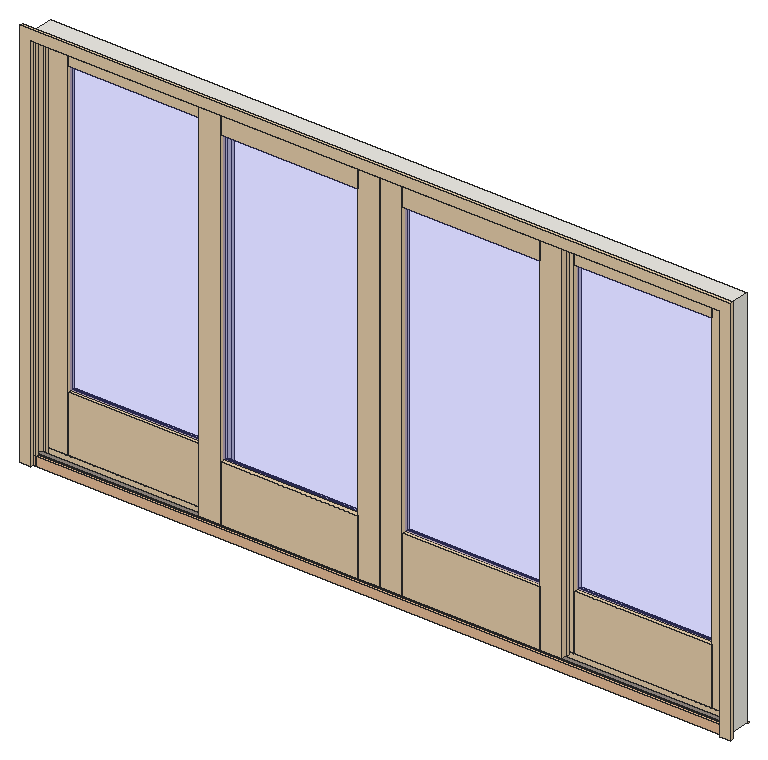
Revit family "Door-Gliding-Andersen-E_Series-Quad-no-Mullions", category Doors, host Wall, Revit 2019 (continued)
Dimensions and locks (in)
  aligned and locked: plane 32 "T Casing 4" to curve 117
  aligned and locked: plane 13 "Casing S1" to curve 128
  aligned and locked: plane 10 "Flange" to curve 128
  aligned and locked: plane 54 "Frame S2 Ext" to curve 129
  aligned and locked: plane 9 "Frame S2" to curve 129
  aligned and locked: plane 20 "R Casing 4" to curve 128
  aligned and locked: plane 3 "R Frame" to curve 129
  aligned and locked: plane 13 "Casing S1" to curve 130
  aligned and locked: plane 10 "Flange" to curve 130
  aligned and locked: plane 54 "Frame S2 Ext" to curve 131
  aligned and locked: plane 9 "Frame S2" to curve 131
  aligned and locked: plane 4 "L Frame" to curve 131
  aligned and locked: plane 23 "L Casing 4" to curve 130
  aligned and locked: plane 13 "Casing S1" to curve 132
  aligned and locked: plane 10 "Flange" to curve 132
  aligned and locked: plane 9 "Frame S2" to curve 133
  aligned and locked: plane 5 "T Frame" to curve 133
  aligned and locked: plane 13 "Casing S1" to curve 4
  aligned and locked: plane 32 "T Casing 4" to curve 132
  aligned and locked: plane 4 "L Frame" to Masking region 8 sketch curve
  aligned and locked: plane 5 "T Frame" to Masking region 8 sketch curve
  aligned and locked: Masking region 8 sketch curve to plane 3 "R Frame"
Automatic sketch dimensions
  curve 15 to curve 17 = 0' - 0.988"
  curve 16 to curve 17 = 0' - 1.84113"
  curve 17 to curve 42 = 0' - 0 33/64"
  curve 19 to curve 45 = 0' - 2.0615"
  curve 43 to curve 21 = 0' - 0 1/2"
  curve 21 to curve 17 = 0' - 0 3/4"
  curve 43 to curve 17 = 0' - 0"
  curve 43 to curve 45 = 0' - 0.563"
  curve 42 to curve 42 = 0' - 0 5/8"
  curve 16 to curve 15 = 0' - 0 3/4"
  curve 46 to curve 15 = 0' - 1.08388"
  curve 22 to curve 21 = 0' - 0.21034"
  curve 34 to curve 36 = 0' - 0.988"
  curve 35 to curve 36 = 0' - 1.84113"
  curve 36 to curve 47 = 0' - 0 33/64"
  curve 38 to curve 50 = 0' - 2.0615"
  curve 48 to curve 40 = 0' - 0 1/2"
  curve 40 to curve 36 = 0' - 0 3/4"
  curve 48 to curve 36 = 0' - 0"
  curve 48 to curve 50 = 0' - 0.563"
  curve 47 to curve 47 = 0' - 0 5/8"
  curve 35 to curve 34 = 0' - 0 3/4"
  curve 51 to curve 34 = 0' - 1.08388"
  curve 41 to curve 40 = 0' - 0.21034"
  curve 54 to curve 52 = 0' - 0.988"
  curve 54 to curve 53 = 0' - 1.84113"
  curve 60 to curve 54 = 0' - 0 33/64"
  curve 63 to curve 56 = 0' - 2.0615"
  curve 58 to curve 61 = 0' - 0 1/2"
  curve 58 to curve 54 = 0' - 0 3/4"
  curve 61 to curve 54 = 0' - 0"
  curve 61 to curve 63 = 0' - 0.563"
  curve 60 to curve 60 = 0' - 0 5/8"
  curve 53 to curve 52 = 0' - 0 3/4"
  curve 64 to curve 52 = 0' - 1.08388"
  curve 58 to curve 59 = 0' - 0.21034"
  curve 29 to curve 85 = 0' - 0 1/2"
  curve 85 to curve 23 = 0' - 2.0615"
  curve 23 to curve 23 = 0' - 0 33/64"
  curve 24 to curve 25 = 0' - 2.21925"
  curve 25 to curve 30 = 0' - 0.39954"
  curve 25 to curve 87 = 0' - 0.60988"
  curve 26 to curve 83 = 0' - 0 1/8"
  curve 23 to curve 86 = 0' - 0.062"
  curve 26 to curve 26 = 0' - 0 3/4"
  curve 85 to curve 85 = 0' - 0.563"
  curve 25 to curve 87 = 0' - 0.33388"
  curve 28 to curve 87 = 0' - 0.41612"
  curve 81 to curve 90 = 0' - 0 1/2"
  curve 90 to curve 75 = 0' - 2.0615"
  curve 75 to curve 75 = 0' - 0 33/64"
  curve 76 to curve 77 = 0' - 2.21925"
  curve 77 to curve 82 = 0' - 0.39954"
  curve 77 to curve 92 = 0' - 0.60988"
  curve 78 to curve 88 = 0' - 0 1/8"
  curve 75 to curve 91 = 0' - 0.062"
  curve 78 to curve 78 = 0' - 0 3/4"
  curve 90 to curve 90 = 0' - 0.563"
  curve 77 to curve 92 = 0' - 0.33388"
  curve 80 to curve 92 = 0' - 0.41612"
  curve 67 to curve 68 = 0' - 0.65447"
  curve 68 to curve 70 = 0' - 1.31268"
  curve 71 to curve 65 = 0' - 1.82508"
  curve 65 to curve 65 = 0' - 1.05261"
  curve 93 to curve 71 = 0' - 0.06458"
  curve 65 to curve 65 = 0' - 0.05976"
  curve 65 to curve 73 = 0' - 0.13918"
  curve 71 to curve 71 = 0' - 0.12708"
  curve 71 to curve 72 = 0' - 0 1/8"
  curve 72 to curve 72 = 0' - 0.08478"
  curve 70 to curve 67 = 0' - 1.24271"
  curve 70 to curve 70 = 0' - 1.28489"
  curve 68 to curve 69 = 0' - 0.13398"
  curve 66 to curve 65 = 0' - 0.09649"
  curve 67 to curve 67 = 0' - 1 7/8"
  curve 72 to curve 95 = 0' - 1.60869"
  curve 69 to curve 94 = 0' - 1.21767"
  curve 9 to curve 67 = 0' - 0"
  curve 93 to curve 9 = 0' - 1 15/128"
  curve 93 to curve 9 = 0' - 0"
  curve 10 to curve 67 = 0' - 0"
  curve 8 to curve 66 = 0' - 0"
  curve 96 to curve 96 = 0' - 5 29/32"
  curve 97 to curve 97 = 0' - 5 29/32"
  curve 7 to curve 7 = 0' - 5 29/32"
  curve 103 to curve 104 = 0' - 0.65447"
  curve 104 to curve 106 = 0' - 1.31268"
  curve 107 to curve 101 = 0' - 1.82508"
  curve 101 to curve 101 = 0' - 1.05261"
  curve 111 to curve 107 = 0' - 0.06458"
  curve 101 to curve 101 = 0' - 0.05976"
  curve 101 to curve 109 = 0' - 0.13918"
  curve 107 to curve 107 = 0' - 0.12708"
  curve 107 to curve 108 = 0' - 0 1/8"
  curve 108 to curve 108 = 0' - 0.08478"
  curve 106 to curve 103 = 0' - 1.24271"
  curve 106 to curve 106 = 0' - 1.28489"
  curve 104 to curve 105 = 0' - 0.13398"
  curve 102 to curve 101 = 0' - 0.09649"
  curve 103 to curve 103 = 0' - 1 7/8"
  curve 108 to curve 113 = 0' - 1.60869"
  curve 105 to curve 112 = 0' - 1.21767"
  curve 99 to curve 103 = 0' - 0"
  curve 111 to curve 99 = 0' - 1 15/128"
  curve 111 to curve 99 = 0' - 0"
  curve 100 to curve 103 = 0' - 0"
  curve 98 to curve 102 = 0' - 0"
  Sweep 8 sketch curve to level = 0' - 0"  (x2)
  profile plane to Sweep 8 sketch curve = 0' - 0 3/4"
  profile plane to Sweep 12 sketch curve = 0' - 1.85627"
  Sweep 12 sketch curve to Sweep 12 sketch curve = 0' - 1.73369"
  Split face 1 sketch curve to Sweep 12 = 0' - 0"
  Split face 1 sketch curve to Sweep 12 = 0' - 1.83234"
  Split face 3 sketch curve to Sweep 10 = 0' - 0"  (x2)
  Split face 4 sketch curve to Sweep 10 = 0' - 0"
  Sweep 10 to Split face 4 sketch curve = 0' - 0"
  Sweep 10 to Split face 5 sketch curve = 0' - 0"
  Split face 5 sketch curve to Sweep 10 = 0' - 0"
  Split face 6 sketch curve to Sweep 10 = 0' - 0"  (x2)
  Split face 7 sketch curve to Sweep 8 = 0' - 0"
  Sweep 8 to Split face 7 sketch curve = 0' - 0"
  Sweep 8 to Split face 8 sketch curve = 0' - 0"  (x2)
  Split face 9 sketch curve to Sweep 8 = 0' - 0"  (x2)
  Split face 10 sketch curve to Sweep 8 = 0' - 0"
  Sweep 8 to Split face 10 sketch curve = 0' - 0"
  Split face 11 sketch curve to Sweep 8 = 0' - 0"  (x2)
  Split face 12 sketch curve to Sweep 8 = 0' - 0"  (x2)
  profile plane to Sweep 7 sketch curve = 0' - 1 3/8"
  profile plane to Sweep 7 sketch curve = 0' - 1.313"
  Sweep 7 sketch curve to plane 10 "Flange" = 0' - 4 1/16"
  profile plane to Sweep 7 sketch curve = 0' - 0.41612"
  plane 10 "Flange" to Sweep 7 sketch curve = 0' - 0.35575"
  Sweep 7 sketch curve to Sweep 7 sketch curve = 0' - 0.21034"
  curve 121 to plane 11 "Frame S1" = 0' - 0"
  curve 33 to plane 3 "R Frame" = 0' - 0"
  curve 12 to plane 3 "R Frame" = 0' - 0"
  curve 115 to plane 3 "R Frame" = 0' - 0"
  curve 33 to plane 36 "R Xjamb 1" = 0' - 0"
  curve 12 to plane 17 "R Casing 1" = 0' - 0 1/8"
  Sweep 9 sketch curve to profile plane = 0' - 0.09649"
  Sweep 9 sketch curve to plane 10 "Flange" = 0' - 3.94709"
  Sweep 9 sketch curve to profile plane = 0' - 0 5/32"
  Sweep 9 sketch curve to Sweep 9 sketch curve = 0' - 0.13918"
  Sweep 9 sketch curve to profile plane = 0' - 0.42251"
  Sweep 9 sketch curve to Sweep 9 sketch curve = 0' - 0 1/8"
  Sweep 9 sketch curve to profile plane = 0' - 0.63229"
  Sweep 9 sketch curve to Sweep 9 sketch curve = 0' - 1.28489"
  Sweep 9 sketch curve to Sweep 9 sketch curve = 0' - 0.13398"
  Sweep 9 sketch curve to Sweep 9 sketch curve = 0' - 1.31268"
  plane 10 "Flange" to Sweep 9 sketch curve = 0' - 0.40833"
  curve 32 to level = 0' - 0"
  curve 31 to level = 0' - 0"
  curve 119 to plane 46 "B Panel" = 0' - 0"
  curve 31 to plane 46 "B Panel" = 0' - 0"
  Sweep 13 sketch curve to profile plane = 0' - 0"
  Sweep 13 sketch curve to plane 10 "Flange" = 0' - 1.41675"
  Sweep 13 sketch curve to profile plane = 0' - 1.73369"
  plane 10 "Flange" to Sweep 13 sketch curve = 0' - 0 11/32"
  Sweep 13 sketch curve to Sweep 13 sketch curve = 0' - 0.12258"
  Split face 2 sketch curve to Sweep 13 = 0' - 0"
  Split face 2 sketch curve to Sweep 13 = 0' - 0 3/8"
  Split face 2 sketch curve to Split face 2 sketch curve = 0' - 1.83234"
  Split face 13 sketch curve to Sweep 7 = 0' - 0"
  Sweep 7 to Split face 13 sketch curve = 0' - 0"
  Split face 14 sketch curve to Sweep 7 = 0' - 0"  (x2)
  Split face 15 sketch curve to Sweep 7 = 0' - 0"  (x2)
  curve 116 to plane 10 "Flange" = 0' - 0"
  curve 14 to level = 0' - 0"
  curve 14 to plane 57 "Sill Interior" = 0' - 0"
  curve 14 to plane 58 "Sill Exterior" = 0' - 0"
  plane 30 "T Casing 2" to curve 1 = 0' - 0"
  curve 3 to plane 11 "Frame S1" = 0' - 0"
  curve 11 to plane 11 "Frame S1" = 0' - 0"
  plane 31 "T Casing 3" to curve 1 = 0' - 0"
  level to curve 119 = 0' - 0.29543"
Nested families (in)
  nested 1: "Gliding_Panel" at (53.8747, -0.25, 2.1562), Width <- "Panel Width", Height <- "Panel Height", Between Glass Grille Bar Finish <- "Between Glass Grille Bar Finish", Exterior Grille Bar Finish <- "Exterior Grille Bar Finish", Between Glass Grille Bar Visibility <- "Between Glass Grille Bar Visibility", Exterior Grille Bar Visibility <- "Exterior Grille Bar Visibility", Interior Grille Bar Visibility <- "Interior Grille Bar Visibility", . . Lights Wide <- ". . Lights Wide", . . Top Glass Lights High <- ". . Top Light Lights High", . . Bottom Glass Lights High <- ". . Bottom Light Lights High", . . .Lights Wide <- ". . .Lights Wide", . . .Lights High <- ". . .Lights High", . . .Bottom Bar Location <- ". . .Bottom Bar Location", . . .Bottom Bar Size <- ". . .Bottom Bar Size", Enter Pattern Number <- "Enter Pattern Number", Grille Bar Size <- "Grille Bar Size", Exterior Panel Finish <- "Exterior Panel Finish", Glazing <- "Glazing Material", Interior Material <- "Interior Material", type <- "Panel Type", Right Jamb Material <- "Exterior Panel Finish", Left Jamb Material <- "Exterior Panel Finish", type "SP2"
    with Width 3' - 2 5/8", VGB DLO 0' - 9.16673", V Bars 2, TS V DLO 5' - 2 3/16", TS V Bar Length 5' - 2 3/16", TS SH DLO 2' - 11 25/32", TS S V no, TS S H Craftsman no, TS S H no, TS M V yes, TS M H yes, TS HGB DLO 0' - 11.7375", TS H Bars 4, Right Jamb Material Aluminum - Andersen - Painted - White, Left Jamb Material Aluminum - Andersen - Painted - White, LW 3, Is Outswing no, Is Inswing no, Is Gliding no, Interior Material Wood - Andersen - Pine, Interior Grille Bar Visibility no, Horizontal Craftsman Bar Size 0' - 0 7/8", Hinge "", Height 6' - 6 7/8", H DLO 2' - 5.2502", Grille Bar Size 0' - 0 7/8", Glazing Glass ‐ Andersen - Low-E4 SmartSun, Exterior Panel Finish Aluminum - Andersen - Painted - White, Exterior Grille Bar Visibility no, Exterior Grille Bar Finish Aluminum - Andersen - Painted - White, Enter Pattern Number 1, CTRL Elevation Swing Visibility no, Between Glass Grille Bar Visibility no, Between Glass Grille Bar Finish Stainless Steel - Andersen - Standard, BS V DLO 1' - 8 11/32", BS SH DLO 1' - 10 11/64", BS S V no, BS S H no, BS M V no, BS M H no, BS HGB DLO 0' - 5", BS H Bars 2, . . Top Glass Lights High 5, . . Lights Wide 3, . . Bottom Glass Lights High 1, . . .Lights Wide 3, . . .Lights High 1, . . .Bottom Bar Size 0' - 0 7/8", . . .Bottom Bar Location 1' - 0", Top Rail Size 0' - 4 11/16", Stile Size 0' - 4.6874", Middle Rail Size 0' - 5 5/16", Bottom Rail Size 1' - 0"
  nested 2: "Gliding_Panel" at (-19.3125, -2.76125, 2.1562) x (-1, 0, 0) z (0, 0, 1), Width <- "Panel Width", Height <- "Panel Height", Between Glass Grille Bar Finish <- "Between Glass Grille Bar Finish", Exterior Grille Bar Finish <- "Exterior Grille Bar Finish", Between Glass Grille Bar Visibility <- "Between Glass Grille Bar Visibility", Exterior Grille Bar Visibility <- "Exterior Grille Bar Visibility", Interior Grille Bar Visibility <- "Interior Grille Bar Visibility", . . Lights Wide <- ". . Lights Wide", . . Top Glass Lights High <- ". . Top Light Lights High", . . Bottom Glass Lights High <- ". . Bottom Light Lights High", . . .Lights Wide <- ". . .Lights Wide", . . .Lights High <- ". . .Lights High", . . .Bottom Bar Location <- ". . .Bottom Bar Location", . . .Bottom Bar Size <- ". . .Bottom Bar Size", Enter Pattern Number <- "Enter Pattern Number", Grille Bar Size <- "Grille Bar Size", Is Gliding <- "Is Gliding", Exterior Panel Finish <- "Exterior Panel Finish", Glazing <- "Glazing Material", Interior Material <- "Interior Material", type <- "Panel Type", Left Jamb Material <- "Interior Material", Right Jamb Material <- "Interior Material", type "SP2"
    with Width 3' - 2 5/8", VGB DLO 0' - 9.16673", V Bars 2, TS V DLO 5' - 2 3/16", TS V Bar Length 5' - 2 3/16", TS SH DLO 2' - 11 25/32", TS S V no, TS S H Craftsman no, TS S H no, TS M V yes, TS M H yes, TS HGB DLO 0' - 11.7375", TS H Bars 4, Right Jamb Material Wood - Andersen - Pine, Left Jamb Material Wood - Andersen - Pine, LW 3, Is Outswing no, Is Inswing no, Is Gliding yes, Interior Material Wood - Andersen - Pine, Interior Grille Bar Visibility no, Horizontal Craftsman Bar Size 0' - 0 7/8", Hinge "", Height 6' - 6 7/8", H DLO 2' - 5.2502", Grille Bar Size 0' - 0 7/8", Glazing Glass ‐ Andersen - Low-E4 SmartSun, Exterior Panel Finish Aluminum - Andersen - Painted - White, Exterior Grille Bar Visibility no, Exterior Grille Bar Finish Aluminum - Andersen - Painted - White, Enter Pattern Number 1, CTRL Elevation Swing Visibility no, Between Glass Grille Bar Visibility no, Between Glass Grille Bar Finish Stainless Steel - Andersen - Standard, BS V DLO 1' - 8 11/32", BS SH DLO 1' - 10 11/64", BS S V no, BS S H no, BS M V no, BS M H no, BS HGB DLO 0' - 5", BS H Bars 2, . . Top Glass Lights High 5, . . Lights Wide 3, . . Bottom Glass Lights High 1, . . .Lights Wide 3, . . .Lights High 1, . . .Bottom Bar Size 0' - 0 7/8", . . .Bottom Bar Location 1' - 0", Top Rail Size 0' - 4 11/16", Stile Size 0' - 4.6874", Middle Rail Size 0' - 5 5/16", Bottom Rail Size 1' - 0"
  nested 3: "Gliding_Panel" at (-53.875, -0.25, 2.1562) x (-1, 0, 0) z (0, 0, 1), Width <- "Panel Width", Height <- "Panel Height", Between Glass Grille Bar Finish <- "Between Glass Grille Bar Finish", Exterior Grille Bar Finish <- "Exterior Grille Bar Finish", Between Glass Grille Bar Visibility <- "Between Glass Grille Bar Visibility", Exterior Grille Bar Visibility <- "Exterior Grille Bar Visibility", Interior Grille Bar Visibility <- "Interior Grille Bar Visibility", . . Lights Wide <- ". . Lights Wide", . . Top Glass Lights High <- ". . Top Light Lights High", . . Bottom Glass Lights High <- ". . Bottom Light Lights High", . . .Lights Wide <- ". . .Lights Wide", . . .Lights High <- ". . .Lights High", . . .Bottom Bar Location <- ". . .Bottom Bar Location", . . .Bottom Bar Size <- ". . .Bottom Bar Size", Enter Pattern Number <- "Enter Pattern Number", Grille Bar Size <- "Grille Bar Size", Exterior Panel Finish <- "Exterior Panel Finish", Glazing <- "Glazing Material", Interior Material <- "Interior Material", type <- "Panel Type", Right Jamb Material <- "Exterior Panel Finish", Left Jamb Material <- "Exterior Panel Finish", type "SP2"
    with Width 3' - 2 5/8", VGB DLO 0' - 9.16673", V Bars 2, TS V DLO 5' - 2 3/16", TS V Bar Length 5' - 2 3/16", TS SH DLO 2' - 11 25/32", TS S V no, TS S H Craftsman no, TS S H no, TS M V yes, TS M H yes, TS HGB DLO 0' - 11.7375", TS H Bars 4, Right Jamb Material Aluminum - Andersen - Painted - White, Left Jamb Material Aluminum - Andersen - Painted - White, LW 3, Is Outswing no, Is Inswing no, Is Gliding no, Interior Material Wood - Andersen - Pine, Interior Grille Bar Visibility no, Horizontal Craftsman Bar Size 0' - 0 7/8", Hinge "", Height 6' - 6 7/8", H DLO 2' - 5.2502", Grille Bar Size 0' - 0 7/8", Glazing Glass ‐ Andersen - Low-E4 SmartSun, Exterior Panel Finish Aluminum - Andersen - Painted - White, Exterior Grille Bar Visibility no, Exterior Grille Bar Finish Aluminum - Andersen - Painted - White, Enter Pattern Number 1, CTRL Elevation Swing Visibility no, Between Glass Grille Bar Visibility no, Between Glass Grille Bar Finish Stainless Steel - Andersen - Standard, BS V DLO 1' - 8 11/32", BS SH DLO 1' - 10 11/64", BS S V no, BS S H no, BS M V no, BS M H no, BS HGB DLO 0' - 5", BS H Bars 2, . . Top Glass Lights High 5, . . Lights Wide 3, . . Bottom Glass Lights High 1, . . .Lights Wide 3, . . .Lights High 1, . . .Bottom Bar Size 0' - 0 7/8", . . .Bottom Bar Location 1' - 0", Top Rail Size 0' - 4 11/16", Stile Size 0' - 4.6874", Middle Rail Size 0' - 5 5/16", Bottom Rail Size 1' - 0"
  nested 4: "Gliding_Panel" at (19.3125, -2.76125, 2.1562), Width <- "Panel Width", Height <- "Panel Height", Between Glass Grille Bar Finish <- "Between Glass Grille Bar Finish", Exterior Grille Bar Finish <- "Exterior Grille Bar Finish", Between Glass Grille Bar Visibility <- "Between Glass Grille Bar Visibility", Exterior Grille Bar Visibility <- "Exterior Grille Bar Visibility", Interior Grille Bar Visibility <- "Interior Grille Bar Visibility", . . Lights Wide <- ". . Lights Wide", . . Top Glass Lights High <- ". . Top Light Lights High", . . Bottom Glass Lights High <- ". . Bottom Light Lights High", . . .Lights Wide <- ". . .Lights Wide", . . .Lights High <- ". . .Lights High", . . .Bottom Bar Location <- ". . .Bottom Bar Location", . . .Bottom Bar Size <- ". . .Bottom Bar Size", Enter Pattern Number <- "Enter Pattern Number", Grille Bar Size <- "Grille Bar Size", Is Gliding <- "Is Gliding", Exterior Panel Finish <- "Exterior Panel Finish", Glazing <- "Glazing Material", Interior Material <- "Interior Material", type <- "Panel Type", Right Jamb Material <- "Interior Material", Left Jamb Material <- "Interior Material", type "SP2"
    with Width 3' - 2 5/8", VGB DLO 0' - 9.16673", V Bars 2, TS V DLO 5' - 2 3/16", TS V Bar Length 5' - 2 3/16", TS SH DLO 2' - 11 25/32", TS S V no, TS S H Craftsman no, TS S H no, TS M V yes, TS M H yes, TS HGB DLO 0' - 11.7375", TS H Bars 4, Right Jamb Material Wood - Andersen - Pine, Left Jamb Material Wood - Andersen - Pine, LW 3, Is Outswing no, Is Inswing no, Is Gliding yes, Interior Material Wood - Andersen - Pine, Interior Grille Bar Visibility no, Horizontal Craftsman Bar Size 0' - 0 7/8", Hinge "", Height 6' - 6 7/8", H DLO 2' - 5.2502", Grille Bar Size 0' - 0 7/8", Glazing Glass ‐ Andersen - Low-E4 SmartSun, Exterior Panel Finish Aluminum - Andersen - Painted - White, Exterior Grille Bar Visibility no, Exterior Grille Bar Finish Aluminum - Andersen - Painted - White, Enter Pattern Number 1, CTRL Elevation Swing Visibility no, Between Glass Grille Bar Visibility no, Between Glass Grille Bar Finish Stainless Steel - Andersen - Standard, BS V DLO 1' - 8 11/32", BS SH DLO 1' - 10 11/64", BS S V no, BS S H no, BS M V no, BS M H no, BS HGB DLO 0' - 5", BS H Bars 2, . . Top Glass Lights High 5, . . Lights Wide 3, . . Bottom Glass Lights High 1, . . .Lights Wide 3, . . .Lights High 1, . . .Bottom Bar Size 0' - 0 7/8", . . .Bottom Bar Location 1' - 0", Top Rail Size 0' - 4 11/16", Stile Size 0' - 4.6874", Middle Rail Size 0' - 5 5/16", Bottom Rail Size 1' - 0"
Definition of nested family "Gliding_Panel"
  Parameters
    URL = "www.eaglewindow.com"
    Right Jamb Material [instance] = none
    Model = "E-Series Doors"  # constant formula
    Manufacturer = "Andersen Corporation"  # constant formula
    Left Jamb Material [instance] = none
    Is Gliding [instance] = no
    Interior Material [instance] = none
    Hinge [instance] = ""
    Grille Bar Sizes = "5/8'', 7/8'', 1 1/8'', 1 1/2'', 2 1/4''"  # constant formula
    Glazing [instance] = none
    Exterior Panel Finish [instance] = none
    Description = "Aluminum-Clad Wood Doors"  # constant formula
    CTRL Elevation Swing Visibility [instance] = or(Is Outswing, Is Inswing)  # no
    Between Glass Grille Bar Sizes = "5/8'', 1''"  # constant formula
    Grille Bar Size [instance] = 0' - 0 7/8"
    Enter Pattern Number [instance] = 1
    Pattern Number 1 = "Traditional"  # constant formula
    Pattern Number 2 = "Traditional Top Light Only"  # constant formula
    Analytic Construction = "<None>"
    . . Lights Wide [instance] = 3
    . . Top Glass Lights High [instance] = 3
    . . Bottom Glass Lights High [instance] = 4
    Pattern Number 3 = "Praire Each Light"  # constant formula
    Pattern Number 4 = "Praire Top Light Only"  # constant formula
    Pattern Number 5 = "Praire Overall"  # constant formula
    Pattern Number 6 = "Craftsman"  # constant formula
    . . .Lights Wide [instance] = 3
    . . .Lights High [instance] = 1
    . . .Bottom Bar Location [instance] = 1' - 6"
    . . .Bottom Bar Size [instance] = 0' - 0 7/8"
    Interior Grille Bar Visibility [instance] = yes
    Exterior Grille Bar Visibility [instance] = yes
    Between Glass Grille Bar Visibility [instance] = yes
    Width [instance] = 2' - 10 3/4"
    VGB DLO [instance] = if(or(Enter Pattern Number = 3, or(Enter Pattern Number = 4, Enter Pattern Number = 5)), 0' 5", (H DLO - (Grille Bar Size * (V Bars))) / if(LW > 2, LW, 3))  # 0' - 9.16667"
    V Bars [instance] = if(LW > 2, LW - 1, 2)  # 2
    Type Comments = "Aluminum-Clad Wood"
    Top Rail Size = 0' - 2 3/4"
    Thickness = 0' - 1 3/4"
    TS V DLO [instance] = if(Has Middle Rail, Height - Top Rail Size - Middle Rail Size - Middle Rail Offset, Height - Bottom Rail Size - Top Rail Size)  # 6' - 6 1/2"
    TS V Bar Length [instance] = if(Enter Pattern Number = 6, . . .Bottom Bar Location - Top Rail Size - (. . .Bottom Bar Size / 2), TS V DLO)  # 6' - 6 1/2"
    TS SH DLO [instance] = if(Enter Pattern Number = 5, Top Rail Size + 0' 5" + (Grille Bar Size / 2), if(Enter Pattern Number = 6, . . .Bottom Bar Location, (TS V DLO / 2) + Top Rail Size))  # 3' - 6"
    TS S V [instance] = LW = 2  # no
    TS S H Craftsman [instance] = and(Enter Pattern Number = 6, . . .Lights High = 2)  # no
    TS S H [instance] = or(or(and(. . Top Glass Lights High = 2, or(or(or(Enter Pattern Number = 5, Enter Pattern Number = 6), Enter Pattern Number = 1), Enter Pattern Number = 2)), Enter Pattern Number = 6), Enter Pattern Number = 5)  # no
    TS M V [instance] = or(or(or(or(or(and(LW > 2, Enter Pattern Number = 1), and(LW > 2, Enter Pattern Number = 2)), Enter Pattern Number = 3), Enter Pattern Number = 4), Enter Pattern Number = 5), and(LW > 2, Enter Pattern Number = 6))  # yes
    TS M H [instance] = or(or(or(and(. . Top Glass Lights High > 2, Enter Pattern Number = 1), and(. . Top Glass Lights High > 2, Enter Pattern Number = 2), Enter Pattern Number = 3), Enter Pattern Number = 4), and(. . .Lights High > 2, Enter Pattern Number = 6))  # yes
    TS HGB DLO [instance] = if(or(Enter Pattern Number = 3, Enter Pattern Number = 4), 0' 5", if(and(Enter Pattern Number = 6, . . .Lights High > 2), (TS V Bar Length - (Grille Bar Size * (. . .Lights High - 1))) / . . .Lights High, if(. . Top Glass Lights High > 2, (TS V Bar Length - (. . .Bottom Bar Size * (. . Top Glass Lights High - 1))) / . . Top Glass Lights High, 0' 5")))  # 2' - 1.58333"
    TS H Bars [instance] = if(or(Enter Pattern Number = 3, Enter Pattern Number = 4), 2, if(and(Enter Pattern Number = 6, . . .Lights High > 2), . . .Lights High - 1, if(. . Top Glass Lights High > 2, . . Top Glass Lights High - 1, 2)))  # 2
    LW [instance] = if(or(Enter Pattern Number = 1, Enter Pattern Number = 2), . . Lights Wide, if(Enter Pattern Number = 6, . . .Lights Wide, 3))  # 3
    Horizontal Craftsman Bar Size [instance] = if(Enter Pattern Number = 6, . . .Bottom Bar Size, Grille Bar Size)  # 0' - 0 7/8"
    Stile Size = 0' - 2 3/4"
    Middle Rail Size = 0' - 2 3/4"
    Middle Rail Offset = 2' - 8 11/32"
    Is Outswing [instance] = no
    Is Inswing [instance] = no
    Height [instance] = 7' - 0"
    No Middle Rail = not(Has Middle Rail)  # yes
    Has Middle Rail = 1 = 0  # no
    H DLO [instance] = Width - (2 * Stile Size)  # 2' - 5 1/4"
    Family Version = "06.01.14"  # constant formula
    Exterior Grille Bar Finish [instance] = none
    Bottom Rail Size = 0' - 2 3/4"
    Between Glass Grille Bar Finish [instance] = none
    BS V DLO [instance] = Middle Rail Offset - Bottom Rail Size  # 2' - 5 19/32"
    BS SH DLO [instance] = if(Enter Pattern Number = 5, Bottom Rail Size + 0' 5" + (Grille Bar Size / 2), (BS V DLO / 2) + Bottom Rail Size)  # 1' - 5 35/64"
    BS S V [instance] = and(and(LW = 2, Enter Pattern Number = 1), Has Middle Rail)  # no
    BS S H [instance] = or(and(. . Bottom Glass Lights High = 2, Enter Pattern Number = 1, Has Middle Rail), Enter Pattern Number = 5)  # no
    BS M V [instance] = and(or(or(and(LW > 2, Enter Pattern Number = 1), Enter Pattern Number = 3), Enter Pattern Number = 5), Has Middle Rail)  # no
    BS M H [instance] = and(or(and(. . Bottom Glass Lights High > 2, Enter Pattern Number = 1), Enter Pattern Number = 3), Has Middle Rail)  # no
    BS HGB DLO [instance] = if(. . Bottom Glass Lights High > 2, if(Enter Pattern Number = 3, 0' 5", (BS V DLO - (Grille Bar Size * (. . Bottom Glass Lights High - 1))) / . . Bottom Glass Lights High), 0' 5")  # 0' - 6 95/128"
    BS H Bars [instance] = if(Enter Pattern Number = 3, 2, if(. . Bottom Glass Lights High > 2, . . Bottom Glass Lights High - 1, 2))  # 3
    Appear In Schedule = 0 = 1  # no
  Reference planes (in)
    plane 1 "Center (Front/Back)": y = 0
    plane 2 "Bottom": z = 0
    plane 3 "Center (Left/Right)": x = 0
    plane 4 "Panel S1": y = 0.875
    plane 5 "Panel S2": y = -0.875
    plane 6 "Left": x = -17.375
    plane 7 "Right": x = 17.375
    plane 8 "Top": z = 84
    plane 9 "Center (Elevation)": z = 42
    plane 10 "Right of Left Side": x = -14.625
    plane 11 "Left of Right Side": x = 14.625
    plane 12 "Top of Bottom Rail": z = 2.75
    plane 13 "Bottom of Top Rail": z = 81.25
    plane 14 "Bottom of Middle Rail": z = 32.34375
    plane 15 "Top of Middle Rail": z = 35.09375
    plane 16 "Glass S4": y = -0.25
    plane 17 "Glass S1": y = 0.5
    plane 18 "Glass S3": y = -0.125
    plane 19 "Glass S2": y = 0.375
    plane 20 "B DLO": z = 2.75
    plane 21 "Sliding Elevation": x = -5.7729
  Forms (in)
    Sweep 1, solid, material <- "Exterior Panel Finish"
      path origin (0, 0, 0) x (1, 0, 0) y (0, 0, 1)
        loop
          line (0, 84) -> (0, 0)
      profile origin (0, 0, 42) x (0, -1, 0) y (1, 0, 0)
        loop
          line (-0.875, -17.375) -> (-0.5, -17.375) -> (-0.5, -14.625) -> (-0.875, -14.625) -> (-0.875, -17.375)
        loop
          line (-0.875, 17.375) -> (-0.875, 14.625) -> (-0.5, 14.625) -> (-0.5, 17.375) -> (-0.875, 17.375)
    Sweep 2, solid, material <- "Exterior Panel Finish"
      path origin (0, 0, 0) x (1, 0, 0) y (0, 0, 1)
        loop
          line (-14.625, 2.75) -> (14.625, 2.75)
      profile origin (0, 0, 2.75) x (0, 0, 1) y (0, -1, 0)
        loop
          line (0, -0.875) -> (0, -0.5) -> (-2.75, -0.5) -> (-2.75, -0.875) -> (0, -0.875)
        loop
          line (78.5, -0.5) -> (78.5, -0.875) -> (81.25, -0.875) -> (81.25, -0.5) -> (78.5, -0.5)
    Sweep 3, solid, material <- "Interior Material"
      path origin (0, 0, 0) x (1, 0, 0) y (0, 0, 1)
        loop
          line (0, 84) -> (0, 0)
      profile origin (0, 0, 42) x (0, -1, 0) y (1, 0, 0)
        loop
          line (0.875, 17.375) -> (-0.5, 17.375) -> (-0.5, 14.625) -> (0.875, 14.625) -> (0.875, 17.375)
        loop
          line (0.875, -14.625) -> (-0.5, -14.625) -> (-0.5, -17.375) -> (0.875, -17.375) -> (0.875, -14.625)
    Sweep 4, solid, material <- "Interior Material"
      path origin (0, 0, 0) x (1, 0, 0) y (0, 0, 1)
        loop
          line (-14.625, 35.09375) -> (14.625, 35.09375)
      profile origin (0, 0, 35.09375) x (0, 0, 1) y (0, -1, 0)
        loop
          line (48.90625, 0.875) -> (46.15625, 0.875) -> (46.15625, -0.5) -> (48.90625, -0.5) -> (48.90625, 0.875)
        loop
          line (-32.34375, 0.875) -> (-35.09375, 0.875) -> (-35.09375, -0.5) -> (-32.34375, -0.5) -> (-32.34375, 0.875)
    Sweep 5, solid, material <- "Glazing"
      path origin (0, 0, 0) x (1, 0, 0) y (0, 0, 1)
        loop
          line (0, 81.25) -> (0, 2.75)
      profile origin (0, 0, 42) x (0, -1, 0) y (1, 0, 0)
        loop
          line (-0.5, 14.625) -> (-0.5, -14.625) -> (0.25, -14.625) -> (0.25, 14.625) -> (-0.5, 14.625)
    Sweep 6, solid, material <- "Exterior Panel Finish", visible <- "Has Middle Rail"
      path origin (0, 0, 0) x (1, 0, 0) y (0, 0, 1)
        loop
          line (-14.625, 35.09375) -> (14.625, 35.09375)
      profile origin (0, 0, 35.09375) x (0, 0, 1) y (0, -1, 0)
        loop
          line (0, -0.875) -> (0, -0.5) -> (-2.75, -0.5) -> (-2.75, -0.875) -> (0, -0.875)
    Sweep 7, solid, material <- "Interior Material", visible <- "Has Middle Rail"
      path origin (0, 0, 0) x (1, 0, 0) y (0, 0, 1)
        loop
          line (-14.625, 35.09375) -> (14.625, 35.09375)
      profile origin (0, 0, 35.09375) x (0, 0, 1) y (0, -1, 0)
        loop
          line (0, -0.5) -> (0, 0.875) -> (-2.75, 0.875) -> (-2.75, -0.5) -> (0, -0.5)
  Lines and regions (in)
    Masking region 1
      outline origin (0, 0, 0) x (1, 0, 0) y (0, 1, 0)
        loop
          line (17.375, 0.875) -> (-17.375, 0.875) -> (-17.375, -0.875) -> (17.375, -0.875) -> (17.375, 0.875)
    Masking region 2
      outline origin (0, 0, 0) x (0, 1, 0) y (0, 0, 1)
        loop
          line (0.875, 84) -> (-0.875, 84) -> (-0.875, 0) -> (0.875, 0) -> (0.875, 84)
    Masking region 3
      outline origin (0, 0, 0) x (1, 0, 0) y (0, 0, 1)
        loop
          line (17.375, 84) -> (-17.375, 84) -> (-17.375, 0) -> (17.375, 0) -> (17.375, 84)
    symbolic lines
      curve 1: line (14.625, 0, 81.25) -> (-14.625, 0, 81.25)
      curve 6: line (-14.625, 0, 2.75) -> (14.625, 0, 2.75)
      curve 19: line (0, -0.25, 2.75) -> (0, -0.25, 32.34375)
      curve 20: line (0, 0.5, 2.75) -> (0, 0.5, 32.34375)
      curve 21: line (0, -0.25, 34.46875) -> (0, -0.25, 81.25)
      curve 22: line (0, 0.5, 34.46875) -> (0, 0.5, 81.25)
      curve 60: line (0, 0.875, 2.48437) -> (0, 0.78125, 2.48437)
      curve 61: line (0, 0.78125, 2.48437) -> (0, 0.64063, 2.75)
      curve 62: line (0, 0.64063, 2.75) -> (0, 0.5, 2.75)
      curve 63: line (0, 0.5, 2.75) -> (0, 0.5, 2.125)
      curve 64: line (0, -0.875, 2.125) -> (0, 0.5, 2.125)
      curve 65: line (0, -0.75, 2.65625) -> (0, -0.75, 2.125)
      curve 66: line (0, -0.25, 2.75) -> (0, -0.75, 2.65625)
      curve 67: line (0, -0.25, 2.125) -> (0, -0.25, 2.75)
      curve 93: line (0, 0.875, 81.51562) -> (0, 0.78125, 81.51562)
      curve 94: line (0, 0.78125, 81.51562) -> (0, 0.64062, 81.25)
      curve 95: line (0, 0.64062, 81.25) -> (0, 0.5, 81.25)
      curve 96: line (0, 0.5, 81.25) -> (0, 0.5, 81.875)
      curve 97: line (0, -0.875, 81.875) -> (0, 0.5, 81.875)
      curve 98: line (0, -0.75, 81.34375) -> (0, -0.75, 81.875)
      curve 99: line (0, -0.25, 81.25) -> (0, -0.75, 81.34375)
      curve 100: line (0, -0.25, 81.875) -> (0, -0.25, 81.25)
    symbolic lines, detail levels medium+fine
      curve 2: line (14.625, 0, 0) -> (14.625, 0, 84)
      curve 4: line (-14.625, 0, 84) -> (-14.625, 0, 0)
      curve 23: line (-14.625, 0.5, 0) -> (14.625, 0.5, 0)
      curve 24: line (14.625, -0.25, 0) -> (-14.625, -0.25, 0)
    symbolic lines, visible <- "Has Middle Rail"
      curve 3: line (-14.625, 0, 35.09375) -> (14.625, 0, 35.09375)
      curve 5: line (14.625, 0, 32.34375) -> (-14.625, 0, 32.34375)
      curve 82: line (0, 0.875, 34.82812) -> (0, 0.78125, 34.82812)
      curve 83: line (0, 0.78125, 34.82812) -> (0, 0.64062, 35.09375)
      curve 84: line (0, 0.64062, 35.09375) -> (0, 0.5, 35.09375)
      curve 85: line (0, 0.5, 35.09375) -> (0, 0.5, 34.46875)
      curve 86: line (0, -0.875, 34.46875) -> (0, 0.5, 34.46875)
      curve 87: line (0, -0.75, 35) -> (0, -0.75, 34.46875)
      curve 88: line (0, -0.25, 35.09375) -> (0, -0.75, 35)
      curve 89: line (0, -0.25, 34.46875) -> (0, -0.25, 35.09375)
      curve 104: line (0, 0.875, 32.60937) -> (0, 0.78125, 32.60937)
      curve 105: line (0, 0.78125, 32.60937) -> (0, 0.64062, 32.34375)
      curve 106: line (0, 0.64062, 32.34375) -> (0, 0.5, 32.34375)
      curve 107: line (0, 0.5, 32.34375) -> (0, 0.5, 32.96875)
      curve 108: line (0, -0.875, 32.96875) -> (0, 0.5, 32.96875)
      curve 109: line (0, -0.75, 32.4375) -> (0, -0.75, 32.96875)
      curve 110: line (0, -0.25, 32.34375) -> (0, -0.75, 32.4375)
      curve 111: line (0, -0.25, 32.96875) -> (0, -0.25, 32.34375)
    symbolic lines, visible <- "Is Outswing"
      curve 7: line (17.375, 0.875, 0) -> (17.375, 35.625, 0)
      curve 8: arc (-17.375, 0.875, 0) -> (-6.90927, 25.15927, 0) -> (17.375, 35.625, 0) r 35.7816
    symbolic lines, visible <- "Is Inswing"
      curve 9: line (17.375, -0.875, 0) -> (17.375, -35.625, 0)
      curve 10: arc (-17.375, -0.875, 0) -> (-7.19696, -25.44696, 0) -> (17.375, -35.625, 0) r 34.75
    symbolic lines, visible <- "CTRL Elevation Swing Visibility"
      curve 11: line (-17.375, 0, 84) -> (17.375, 0, 42)
      curve 12: line (17.375, 0, 42) -> (-17.375, 0, 0)
    symbolic lines, detail levels fine
      curve 13: line (0, -0.125, 81.25) -> (0, -0.125, 34.46875)
      curve 14: line (0, 0.375, 81.25) -> (0, 0.375, 34.46875)
      curve 15: line (0, -0.125, 32.34375) -> (0, -0.125, 2.75)
      curve 16: line (0, 0.375, 32.34375) -> (0, 0.375, 2.75)
      curve 17: line (-14.625, -0.125, 0) -> (14.625, -0.125, 0)
      curve 18: line (-14.625, 0.375, 0) -> (14.625, 0.375, 0)
      curve 25: line (14.89063, 0.875, 0) -> (14.89063, 0.78125, 0)
      curve 26: line (14.89063, 0.78125, 0) -> (14.625, 0.64062, 0)
      curve 27: line (14.625, 0.64062, 0) -> (14.625, 0.5, 0)
      curve 28: line (14.625, 0.5, 0) -> (15.25, 0.5, 0)
      curve 29: line (15.25, 0.5, 0) -> (15.25, -0.875, 0)
      curve 30: line (15.25, -0.25, 0) -> (14.625, -0.25, 0)
      curve 31: line (14.625, -0.25, 0) -> (14.71875, -0.75, 0)
      curve 32: line (14.71875, -0.75, 0) -> (15.25, -0.75, 0)
      curve 41: line (-14.89063, 0.875, 0) -> (-14.89063, 0.78125, 0)
      curve 42: line (-14.89063, 0.78125, 0) -> (-14.625, 0.64062, 0)
      curve 43: line (-14.625, 0.64062, 0) -> (-14.625, 0.5, 0)
      curve 44: line (-14.625, 0.5, 0) -> (-15.25, 0.5, 0)
      curve 45: line (-15.25, 0.5, 0) -> (-15.25, -0.875, 0)
      curve 46: line (-15.25, -0.25, 0) -> (-14.625, -0.25, 0)
      curve 47: line (-14.625, -0.25, 0) -> (-14.71875, -0.75, 0)
      curve 48: line (-14.71875, -0.75, 0) -> (-15.25, -0.75, 0)
      curve 49: line (14.625, 0.375, 0) -> (15.25, 0.375, 0)
      curve 50: line (14.625, -0.125, 0) -> (15.25, -0.125, 0)
      curve 51: line (14.75, -0.125, 0) -> (14.75, 0.375, 0)
      curve 55: line (-14.625, 0.375, 0) -> (-15.25, 0.375, 0)
      curve 56: line (-14.625, -0.125, 0) -> (-15.25, -0.125, 0)
      curve 57: line (-14.75, -0.125, 0) -> (-14.75, 0.375, 0)
      curve 68: line (0, -0.125, 2.75) -> (0, -0.125, 2.125)
      curve 69: line (0, -0.125, 2.625) -> (0, 0.375, 2.625)
      curve 70: line (0, 0.375, 2.75) -> (0, 0.375, 2.125)
      curve 101: line (0, -0.125, 81.25) -> (0, -0.125, 81.875)
      curve 102: line (0, -0.125, 81.375) -> (0, 0.375, 81.375)
      curve 103: line (0, 0.375, 81.25) -> (0, 0.375, 81.875)
    symbolic lines, not visible, detail levels fine
      curve 33: line (9.54443, 3.16951, 0) -> (9.54443, 3.07576, 0)
      curve 34: line (9.54443, 3.07576, 0) -> (9.2788, 2.93514, 0)
      curve 35: line (9.2788, 2.93514, 0) -> (9.2788, 2.79451, 0)
      curve 36: line (9.2788, 2.79451, 0) -> (9.9038, 2.79451, 0)
      curve 37: line (9.9038, 2.79451, 0) -> (9.9038, 1.41951, 0)
      curve 38: line (9.9038, 2.04451, 0) -> (9.2788, 2.04451, 0)
      curve 39: line (9.2788, 2.04451, 0) -> (9.37255, 1.54451, 0)
      curve 40: line (9.37255, 1.54451, 0) -> (9.9038, 1.54451, 0)
      curve 52: line (9.2788, 2.66951, 0) -> (9.9038, 2.66951, 0)
      curve 53: line (9.2788, 2.16951, 0) -> (9.9038, 2.16951, 0)
      curve 54: line (9.4038, 2.16951, 0) -> (9.4038, 2.66951, 0)
      curve 79: line (0, 6.94392, 10.7869) -> (0, 6.94392, 10.1619)
      curve 80: line (0, 6.94392, 10.6619) -> (0, 7.44392, 10.6619)
      curve 81: line (0, 7.44392, 10.7869) -> (0, 7.44392, 10.1619)
    symbolic lines, detail levels medium
      curve 58: line (-14.625, 0.875, 0) -> (-14.625, -0.875, 0)
      curve 59: line (14.625, 0.875, 0) -> (14.625, -0.875, 0)
    symbolic lines, not visible
      curve 71: line (0, 7.94392, 10.52128) -> (0, 7.85017, 10.52128)
      curve 72: line (0, 7.85017, 10.52128) -> (0, 7.70954, 10.7869)
      curve 73: line (0, 7.70954, 10.7869) -> (0, 7.56892, 10.7869)
      curve 74: line (0, 7.56892, 10.7869) -> (0, 7.56892, 10.1619)
      curve 75: line (0, 6.19392, 10.1619) -> (0, 7.56892, 10.1619)
      curve 76: line (0, 6.31892, 10.69315) -> (0, 6.31892, 10.1619)
      curve 77: line (0, 6.81892, 10.7869) -> (0, 6.31892, 10.69315)
      curve 78: line (0, 6.81892, 10.1619) -> (0, 6.81892, 10.7869)
    symbolic lines, visible <- "Has Middle Rail", detail levels fine
      curve 90: line (0, -0.125, 35.09375) -> (0, -0.125, 34.46875)
      curve 91: line (0, -0.125, 34.96875) -> (0, 0.375, 34.96875)
      curve 92: line (0, 0.375, 35.09375) -> (0, 0.375, 34.46875)
      curve 112: line (0, -0.125, 32.34375) -> (0, -0.125, 32.96875)
      curve 113: line (0, -0.125, 32.46875) -> (0, 0.375, 32.46875)
      curve 114: line (0, 0.375, 32.34375) -> (0, 0.375, 32.96875)
    symbolic lines, visible <- "Has Middle Rail", not visible
      curve 115: line (0, 7.94392, 10.52128) -> (0, 7.85017, 10.52128)
      curve 116: line (0, 7.85017, 10.52128) -> (0, 7.70954, 10.7869)
      curve 117: line (0, 7.70954, 10.7869) -> (0, 7.56892, 10.7869)
      curve 118: line (0, 7.56892, 10.7869) -> (0, 7.56892, 10.1619)
      curve 119: line (0, 6.19392, 10.1619) -> (0, 7.56892, 10.1619)
      curve 120: line (0, 6.31892, 10.69315) -> (0, 6.31892, 10.1619)
      curve 121: line (0, 6.81892, 10.7869) -> (0, 6.31892, 10.69315)
      curve 122: line (0, 6.81892, 10.1619) -> (0, 6.81892, 10.7869)
    symbolic lines, visible <- "Has Middle Rail", not visible, detail levels fine
      curve 123: line (0, 6.94392, 10.7869) -> (0, 6.94392, 10.1619)
      curve 124: line (0, 6.94392, 10.6619) -> (0, 7.44392, 10.6619)
      curve 125: line (0, 7.44392, 10.7869) -> (0, 7.44392, 10.1619)
    symbolic lines, visible <- "No Middle Rail"
      curve 126: line (0, -0.25, 32.34375) -> (0, -0.25, 35.09375)
      curve 127: line (0, 0.5, 32.34375) -> (0, 0.5, 35.09375)
    symbolic lines, visible <- "No Middle Rail", detail levels fine
      curve 128: line (0, 0.375, 35.09375) -> (0, 0.375, 32.34375)
      curve 129: line (0, -0.125, 35.09375) -> (0, -0.125, 32.34375)
    symbolic lines, detail levels coarse
      curve 130: line (14.625, 0, 81.25) -> (14.625, 0, 35.09375)
      curve 131: line (-14.625, 0, 81.25) -> (-14.625, 0, 35.09375)
      curve 132: line (-14.625, 0, 35.09375) -> (-14.625, 0, 2.75)
      curve 133: line (14.625, 0, 35.09375) -> (14.625, 0, 2.75)
    symbolic lines, visible <- "Is Gliding"
      curve 134: line (-12.72944, 0, 42) -> (-5.7729, 0, 42)
      curve 135: line (-5.7729, 0, 42) -> (-8.47029, 0, 44.11046)
      curve 136: line (-5.7729, 0, 42) -> (-8.47029, 0, 39.88954)
    model lines, not visible
      curve 137: line (-23.375, 0, 0) -> (23.375, 0, 0)
  Dimensions and locks (in)
    equal spacing: plane 4 "Panel S1", plane 1 "Center (Front/Back)", plane 5 "Panel S2"
    "Thickness": plane 4 "Panel S1" to plane 5 "Panel S2"
    equal spacing: plane 8 "Top", plane 9 "Center (Elevation)", plane 2 "Bottom"
    "Height": plane 8 "Top" to plane 2 "Bottom"
    "Stile Size": plane 6 "Left" to plane 10 "Right of Left Side"
    "Stile Size": plane 11 "Left of Right Side" to plane 7 "Right"
    locked: plane 17 "Glass S1" to plane 16 "Glass S4" at 0.75
    "Width": curve 7 to curve 7
    "Width": curve 9 to curve 9
    locked: plane 19 "Glass S2" to plane 17 "Glass S1" at 0.125
    locked: plane 18 "Glass S3" to plane 16 "Glass S4" at 0.125
    locked: plane 4 "Panel S1" to plane 17 "Glass S1" at 0.375
    "Top Rail Size": plane 8 "Top" to plane 13 "Bottom of Top Rail"
    "Middle Rail Size": plane 14 "Bottom of Middle Rail" to plane 15 "Top of Middle Rail"
    "Bottom Rail Size": plane 12 "Top of Bottom Rail" to plane 2 "Bottom"
    "Middle Rail Offset": plane 14 "Bottom of Middle Rail" to plane 2 "Bottom"
    equal spacing: plane 6 "Left", plane 3 "Center (Left/Right)", plane 7 "Right"
    "Width": plane 6 "Left" to plane 7 "Right"
    "Width": curve 7 to plane 4 "Panel S1"
    group 9 to group 10 = 0' - 0"  (x2)
    group 10 to group 9 = 2' - 2.45833"
    "TS HGB DLO": plane 13 "Bottom of Top Rail" to nested 1
    "TS HGB DLO": nested 2 to plane 20 "B DLO"
    "TS V Bar Length": plane 13 "Bottom of Top Rail" to plane 20 "B DLO"
    equal spacing: group 11, group 17, group 12  (x2)
    equal spacing: group 12, group 17, group 11
    "BS HGB DLO": plane 14 "Bottom of Middle Rail" to nested 3
    "BS HGB DLO": nested 5 to plane 12 "Top of Bottom Rail"
    group 13 to group 14 = 0' - 10.04167"
    group 13 to group 14 = 0' - 0"  (x2)
    "VGB DLO": plane 10 "Right of Left Side" to nested 7
    "VGB DLO": plane 11 "Left of Right Side" to nested 8
    group 15 to group 16 = 0' - 10.04167"
    group 15 to group 16 = 0' - 0"
    group 16 to group 15 = 0' - 0"
    "VGB DLO": plane 11 "Left of Right Side" to nested 11
    "VGB DLO": plane 10 "Right of Left Side" to nested 10
    "BS SH DLO": nested 4 to plane 2 "Bottom"
    equal spacing: plane 13 "Bottom of Top Rail", nested 13, plane 20 "B DLO"
    "TS SH DLO": plane 8 "Top" to nested 12
    locked: plane 21 "Sliding Elevation" to plane 6 "Left" at 11.6021
    locked: plane 21 "Sliding Elevation" to curve 134 at 6.95654
    locked: curve 135 to plane 9 "Center (Elevation)" at 2.11046
    locked: plane 21 "Sliding Elevation" to curve 135 at 2.69739
    locked: plane 9 "Center (Elevation)" to curve 136 at 2.11046
    locked: plane 21 "Sliding Elevation" to curve 136 at 2.69739
    locked: curve 137 to plane 7 "Right" at 6
    locked: curve 137 to plane 6 "Left" at 6
    locked: curve 7 to plane 4 "Panel S1" (angle 90.00°)
    locked: plane 5 "Panel S2" to curve 9 (angle 90.00°)
    aligned and locked: level to plane 2 "Bottom"
    aligned and locked: plane 8 "Top" to Sweep 1 sketch curve
    aligned and locked: plane 2 "Bottom" to Sweep 1 sketch curve
    aligned and locked: Sweep 1 sketch curve to plane 3 "Center (Left/Right)"
    aligned and locked: Sweep 1 sketch curve to plane 6 "Left"
    aligned and locked: plane 10 "Right of Left Side" to Sweep 1 sketch curve
    aligned and locked: Sweep 1 sketch curve to plane 4 "Panel S1"
    aligned and locked: Sweep 1 sketch curve to plane 11 "Left of Right Side"
    aligned and locked: plane 7 "Right" to Sweep 1 sketch curve
    aligned and locked: plane 4 "Panel S1" to Sweep 1 sketch curve
    aligned and locked: plane 10 "Right of Left Side" to Sweep 2 sketch curve
    aligned and locked: plane 11 "Left of Right Side" to Sweep 2 sketch curve
    aligned and locked: Sweep 2 sketch curve to plane 12 "Top of Bottom Rail"
    aligned and locked: Sweep 2 sketch curve to plane 2 "Bottom"
    aligned and locked: plane 4 "Panel S1" to Sweep 2 sketch curve
    aligned and locked: plane 12 "Top of Bottom Rail" to Sweep 2 sketch curve
    aligned and locked: Sweep 2 sketch curve to plane 8 "Top"
    aligned and locked: Sweep 2 sketch curve to plane 4 "Panel S1"
    aligned and locked: plane 13 "Bottom of Top Rail" to Sweep 2 sketch curve
    aligned and locked: Sweep 3 sketch curve to plane 3 "Center (Left/Right)"
    aligned and locked: plane 8 "Top" to Sweep 3 sketch curve
    aligned and locked: plane 2 "Bottom" to Sweep 3 sketch curve
    aligned and locked: plane 10 "Right of Left Side" to Sweep 3 sketch curve
    aligned and locked: Sweep 3 sketch curve to plane 6 "Left"
    aligned and locked: Sweep 3 sketch curve to plane 5 "Panel S2"  (x2)
    aligned and locked: plane 11 "Left of Right Side" to Sweep 3 sketch curve
    aligned and locked: Sweep 3 sketch curve to plane 7 "Right"
    aligned and locked: plane 10 "Right of Left Side" to Sweep 4 sketch curve
    aligned and locked: plane 11 "Left of Right Side" to Sweep 4 sketch curve
    aligned and locked: plane 15 "Top of Middle Rail" to Sweep 4 sketch curve
    aligned and locked: Sweep 4 sketch curve to plane 2 "Bottom"
    aligned and locked: plane 5 "Panel S2" to Sweep 4 sketch curve  (x2)
    aligned and locked: plane 12 "Top of Bottom Rail" to Sweep 4 sketch curve
    aligned and locked: plane 8 "Top" to Sweep 4 sketch curve
    aligned and locked: Sweep 4 sketch curve to plane 13 "Bottom of Top Rail"
    aligned and locked: plane 12 "Top of Bottom Rail" to Sweep 5 sketch curve
    aligned and locked: plane 13 "Bottom of Top Rail" to Sweep 5 sketch curve
    aligned and locked: plane 10 "Right of Left Side" to Sweep 5 sketch curve
    aligned and locked: plane 11 "Left of Right Side" to Sweep 5 sketch curve
    aligned and locked: Sweep 5 sketch curve to plane 17 "Glass S1"
    aligned and locked: Sweep 5 sketch curve to plane 16 "Glass S4"
    aligned and locked: plane 6 "Left" to Masking region 1 sketch curve
    aligned and locked: plane 7 "Right" to Masking region 1 sketch curve
    aligned and locked: plane 4 "Panel S1" to Masking region 1 sketch curve
    aligned and locked: plane 5 "Panel S2" to Masking region 1 sketch curve
    aligned and locked: Masking region 2 sketch curve to plane 2 "Bottom"
    aligned and locked: plane 8 "Top" to Masking region 2 sketch curve
    aligned and locked: plane 5 "Panel S2" to Masking region 2 sketch curve
    aligned and locked: plane 4 "Panel S1" to Masking region 2 sketch curve
    aligned and locked: Masking region 3 sketch curve to plane 2 "Bottom"
    aligned and locked: plane 8 "Top" to Masking region 3 sketch curve
    aligned and locked: plane 7 "Right" to Masking region 3 sketch curve
    aligned and locked: plane 6 "Left" to Masking region 3 sketch curve
    aligned and locked: plane 13 "Bottom of Top Rail" to curve 1
    aligned and locked: plane 11 "Left of Right Side" to curve 2
    aligned and locked: plane 15 "Top of Middle Rail" to curve 3
    aligned and locked: plane 10 "Right of Left Side" to curve 4
    aligned and locked: plane 14 "Bottom of Middle Rail" to curve 5
    aligned and locked: curve 6 to plane 12 "Top of Bottom Rail"
    aligned and locked: plane 7 "Right" to curve 7
    aligned and locked: plane 4 "Panel S1" to curve 8
    aligned and locked: plane 6 "Left" to curve 8
    aligned and locked: plane 7 "Right" to curve 9
    aligned and locked: plane 5 "Panel S2" to curve 9
    aligned and locked: plane 5 "Panel S2" to curve 10
    aligned and locked: plane 6 "Left" to curve 10
    aligned and locked: plane 10 "Right of Left Side" to Sweep 6 sketch curve
    aligned and locked: plane 15 "Top of Middle Rail" to Sweep 6 sketch curve
    aligned and locked: plane 11 "Left of Right Side" to Sweep 6 sketch curve
    aligned and locked: Sweep 6 sketch curve to plane 15 "Top of Middle Rail"
    aligned and locked: Sweep 6 sketch curve to plane 14 "Bottom of Middle Rail"
    aligned and locked: plane 4 "Panel S1" to Sweep 6 sketch curve
    aligned and locked: plane 10 "Right of Left Side" to Sweep 7 sketch curve
    aligned and locked: plane 11 "Left of Right Side" to Sweep 7 sketch curve
    aligned and locked: plane 15 "Top of Middle Rail" to Sweep 7 sketch curve
    aligned and locked: Sweep 7 sketch curve to plane 15 "Top of Middle Rail"
    aligned and locked: Sweep 7 sketch curve to plane 14 "Bottom of Middle Rail"
    aligned and locked: plane 5 "Panel S2" to Sweep 7 sketch curve
    aligned and locked: plane 6 "Left" to curve 11
    aligned and locked: plane 8 "Top" to curve 11
    aligned and locked: plane 6 "Left" to curve 12
    aligned and locked: plane 2 "Bottom" to curve 12
    aligned and locked: plane 9 "Center (Elevation)" to curve 12
    aligned and locked: plane 7 "Right" to curve 12
    aligned and locked: curve 14 to plane 19 "Glass S2"
    aligned and locked: curve 17 to plane 18 "Glass S3"
    aligned and locked: curve 18 to plane 19 "Glass S2"
    aligned and locked: Sweep 5 to plane 13 "Bottom of Top Rail"
    aligned and locked: Sweep 5 to plane 12 "Top of Bottom Rail"
    aligned and locked: Sweep 5 to plane 16 "Glass S4"
    aligned and locked: Sweep 5 to plane 17 "Glass S1"
    aligned and locked: curve 22 to plane 17 "Glass S1"
    aligned and locked: plane 16 "Glass S4" to curve 21
    aligned and locked: plane 16 "Glass S4" to curve 24
    aligned and locked: plane 17 "Glass S1" to curve 23
    aligned and locked: plane 17 "Glass S1" to Sweep 1 sketch curve
    aligned and locked: Sweep 1 sketch curve to plane 17 "Glass S1"
    aligned and locked: plane 17 "Glass S1" to Sweep 3 sketch curve  (x2)
    aligned and locked: plane 17 "Glass S1" to Sweep 2 sketch curve  (x2)
    aligned and locked: plane 17 "Glass S1" to Sweep 4 sketch curve  (x2)
    aligned and locked: plane 17 "Glass S1" to Sweep 6 sketch curve
    aligned and locked: Sweep 7 sketch curve to plane 17 "Glass S1"
    aligned and locked: Sweep 6 to plane 15 "Top of Middle Rail"
    aligned and locked: plane 11 "Left of Right Side" to curve 18
    aligned and locked: plane 4 "Panel S1" to curve 25
    aligned and locked: curve 27 to plane 11 "Left of Right Side"
    aligned and locked: plane 10 "Right of Left Side" to curve 43
    aligned and locked: plane 4 "Panel S1" to curve 41
    aligned and locked: plane 10 "Right of Left Side" to curve 17
    aligned and locked: plane 4 "Panel S1" to curve 58
    aligned and locked: plane 4 "Panel S1" to curve 59
    aligned and locked: plane 5 "Panel S2" to curve 58
    aligned and locked: plane 5 "Panel S2" to curve 59
    aligned and locked: plane 10 "Right of Left Side" to curve 58
    aligned and locked: curve 59 to plane 11 "Left of Right Side"
    aligned and locked: plane 13 "Bottom of Top Rail" to curve 21
    aligned and locked: plane 13 "Bottom of Top Rail" to curve 13
    aligned and locked: plane 13 "Bottom of Top Rail" to curve 14
    aligned and locked: plane 13 "Bottom of Top Rail" to curve 22
    aligned and locked: plane 12 "Top of Bottom Rail" to curve 20
    aligned and locked: plane 12 "Top of Bottom Rail" to curve 16
    aligned and locked: plane 12 "Top of Bottom Rail" to curve 15
    aligned and locked: plane 4 "Panel S1" to curve 60
    aligned and locked: plane 4 "Panel S1" to curve 93
    aligned and locked: curve 95 to plane 13 "Bottom of Top Rail"
    aligned and locked: curve 62 to plane 12 "Top of Bottom Rail"
    aligned and locked: plane 14 "Bottom of Middle Rail" to curve 19
    aligned and locked: plane 14 "Bottom of Middle Rail" to curve 15
    aligned and locked: plane 14 "Bottom of Middle Rail" to curve 16
    aligned and locked: plane 14 "Bottom of Middle Rail" to curve 20
    aligned and locked: nested 2 to plane 10 "Right of Left Side"
    aligned and locked: nested 3 to plane 10 "Right of Left Side"
    aligned and locked: nested 4 to plane 10 "Right of Left Side"
    aligned and locked: nested 5 to plane 10 "Right of Left Side"
    aligned and locked: plane 13 "Bottom of Top Rail" to nested 6
    aligned and locked: nested 6 to plane 3 "Center (Left/Right)"
    aligned and locked: plane 13 "Bottom of Top Rail" to nested 7
    aligned and locked: plane 13 "Bottom of Top Rail" to nested 8
    aligned and locked: plane 14 "Bottom of Middle Rail" to nested 9
    aligned and locked: nested 9 to plane 3 "Center (Left/Right)"
    aligned and locked: plane 14 "Bottom of Middle Rail" to nested 10
    aligned and locked: plane 14 "Bottom of Middle Rail" to nested 11
    aligned and locked: nested 13 to plane 10 "Right of Left Side"
    aligned and locked: nested 12 to plane 10 "Right of Left Side"
    aligned and locked: plane 4 "Panel S1" to curve 104
    aligned and locked: curve 106 to plane 14 "Bottom of Middle Rail"
    aligned and locked: plane 4 "Panel S1" to curve 82
    aligned and locked: plane 15 "Top of Middle Rail" to curve 84
    aligned and locked: curve 127 to plane 17 "Glass S1"
    aligned and locked: curve 128 to plane 19 "Glass S2"
    aligned and locked: curve 129 to plane 18 "Glass S3"
    aligned and locked: plane 16 "Glass S4" to curve 126
    aligned and locked: plane 12 "Top of Bottom Rail" to curve 133
    aligned and locked: plane 12 "Top of Bottom Rail" to curve 132
    aligned and locked: plane 15 "Top of Middle Rail" to curve 130
    aligned and locked: plane 13 "Bottom of Top Rail" to curve 130
    aligned and locked: plane 13 "Bottom of Top Rail" to curve 131
    aligned and locked: plane 15 "Top of Middle Rail" to curve 131
    aligned and locked: curve 130 to plane 11 "Left of Right Side"
    aligned and locked: curve 133 to plane 11 "Left of Right Side"
    aligned and locked: plane 10 "Right of Left Side" to curve 132
    aligned and locked: plane 10 "Right of Left Side" to curve 131
    aligned and locked: curve 134 to plane 9 "Center (Elevation)"
    aligned and locked: plane 9 "Center (Elevation)" to curve 135
    aligned and locked: plane 21 "Sliding Elevation" to curve 136
    aligned and locked: curve 137 to plane 2 "Bottom"
  Automatic sketch dimensions
    Sweep 5 sketch curve to plane 3 "Center (Left/Right)" = 0' - 0"
    curve 31 to curve 27 = 0' - 0"
    curve 30 to curve 31 = 0' - 0 3/32"
    curve 26 to curve 25 = 0' - 0 17/64"
    curve 25 to curve 28 = 0' - 0 23/64"
    curve 49 to curve 27 = 0' - 0"
    curve 50 to curve 30 = 0' - 0"
    curve 51 to curve 50 = 0' - 0 1/2"
    curve 31 to curve 31 = 0' - 0 1/2"
    curve 30 to curve 27 = 0' - 0 3/4"
    curve 27 to curve 26 = 0' - 0 9/64"
    curve 26 to curve 25 = 0' - 0 9/64"
    curve 29 to curve 32 = 0' - 0 1/8"
    curve 30 to curve 50 = 0' - 0 1/8"
    curve 49 to curve 28 = 0' - 0 1/8"
    curve 25 to curve 25 = 0' - 0 3/32"
    curve 39 to curve 35 = 0' - 0"
    curve 38 to curve 39 = 0' - 0 3/32"
    curve 34 to curve 33 = 0' - 0 17/64"
    curve 33 to curve 36 = 0' - 0 23/64"
    curve 52 to curve 35 = 0' - 0"
    curve 53 to curve 38 = 0' - 0"
    curve 54 to curve 53 = 0' - 0 1/2"
    curve 39 to curve 39 = 0' - 0 1/2"
    curve 38 to curve 35 = 0' - 0 3/4"
    curve 35 to curve 34 = 0' - 0 9/64"
    curve 34 to curve 33 = 0' - 0 9/64"
    curve 37 to curve 40 = 0' - 0 1/8"
    curve 38 to curve 53 = 0' - 0 1/8"
    curve 52 to curve 36 = 0' - 0 1/8"
    curve 33 to curve 33 = 0' - 0 3/32"
    curve 47 to curve 43 = 0' - 0"
    curve 46 to curve 47 = 0' - 0 3/32"
    curve 42 to curve 41 = 0' - 0 17/64"
    curve 41 to curve 44 = 0' - 0 23/64"
    curve 55 to curve 43 = 0' - 0"
    curve 56 to curve 46 = 0' - 0"
    curve 57 to curve 56 = 0' - 0 1/2"
    curve 47 to curve 47 = 0' - 0 1/2"
    curve 43 to curve 46 = 0' - 0 3/4"
    curve 42 to curve 43 = 0' - 0 9/64"
    curve 41 to curve 42 = 0' - 0 9/64"
    curve 48 to curve 45 = 0' - 0 1/8"
    curve 56 to curve 46 = 0' - 0 1/8"
    curve 44 to curve 55 = 0' - 0 1/8"
    curve 41 to curve 41 = 0' - 0 3/32"
    curve 8 to plane 18 "Glass S3" = 0' - 0.01714"
    curve 13 to plane 18 "Glass S3" = 0' - 0"
    curve 19 to plane 12 "Top of Bottom Rail" = 0' - 0"
    plane 15 "Top of Middle Rail" to curve 126 = 0' - 0"
    plane 15 "Top of Middle Rail" to curve 128 = 0' - 0"
    plane 15 "Top of Middle Rail" to curve 127 = 0' - 0"
    plane 15 "Top of Middle Rail" to curve 129 = 0' - 0"
    plane 15 "Top of Middle Rail" to curve 21 = 0' - 0 5/8"
    plane 15 "Top of Middle Rail" to curve 22 = 0' - 0 5/8"
    curve 14 to curve 22 = 0' - 0"
    curve 21 to curve 13 = 0' - 0"
    curve 2 to plane 8 "Top" = 0' - 0"
    curve 4 to plane 8 "Top" = 0' - 0"
  Nested families (in)
    nested 1: "Andersen Grille Bar" at (0, 0.5, 55.22917) x (0, 0, 1) z (0, 1, 0), Bar Length <- "H DLO", visible <- "TS M H", Bar Width <- "Grille Bar Size", type "Andersen Grille Bar"
      with Glass / 2 0' - 0 3/16", Glass 0' - 0 3/4", Center Line Length 2' - 5 1/4", Center Line 2, Bar Width 0' - 0 7/8", Bar Length 2' - 5 1/4"
    nested 2: "Andersen Grille Bar" at (0, 0.5, 28.77083) x (0, 0, 1) z (0, 1, 0), Bar Length <- "H DLO", visible <- "TS M H", Bar Width <- "Grille Bar Size", type "Andersen Grille Bar"
      with Glass / 2 0' - 0 3/16", Glass 0' - 0 3/4", Center Line Length 2' - 5 1/4", Center Line 2, Bar Width 0' - 0 7/8", Bar Length 2' - 5 1/4"
    nested 3: "Andersen Grille Bar" at (0, 0.5, 25.16406) x (0, 0, 1) z (0, 1, 0), Bar Length <- "H DLO", visible <- "BS M H", Bar Width <- "Grille Bar Size", type "Andersen Grille Bar"
      with Glass / 2 0' - 0 3/16", Glass 0' - 0 3/4", Center Line Length 2' - 5 1/4", Center Line 2, Bar Width 0' - 0 7/8", Bar Length 2' - 5 1/4"
